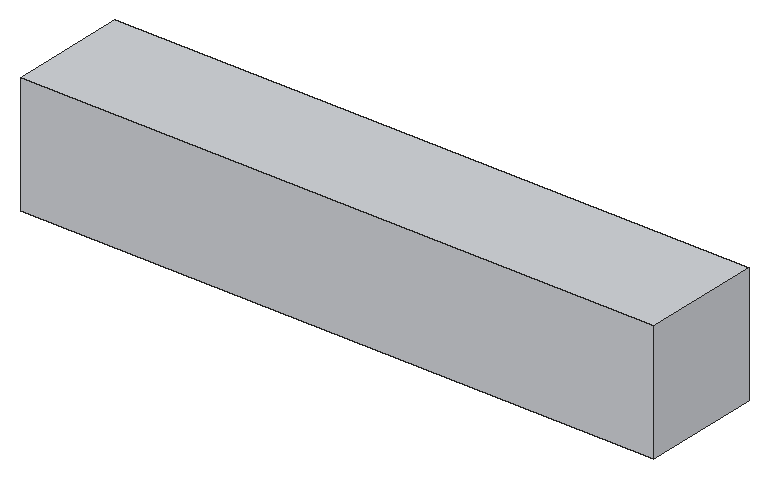
Revit family "設備サポート_I形", category Generic Models, host Face, Revit 2023
Family settings
  Host = Face
  Can host rebar = No
  Round Connector Dimension = Use Diameter
  Part Type = Normal
  Cut with Voids When Loaded = No
  Maintain Annotation Orientation = No
  Shared = No
  Room Calculation Point = No
Parameters
  長辺 [instance] = if(長さ1 > 長さ2, 長さ1, 長さ2)  # 400 mm
  長さ2 [instance] = 75 mm
  長さ1 [instance] = 400 mm
  構造マテリアル [instance] = none
  Default Elevation = 1219.2 mm
  幅1 [instance] = 75 mm
Reference planes
  plane 1 "中心(正面/背面)": y = 0
  plane 2: z = 0
  plane 3 "中心(左/右)": x = 0
Forms (mm)
  Extrusion 1, solid, material <- "構造マテリアル"
    sketch origin (0, 0, 0) x (1, 0, 0) y (0, 1, 0)
      loop
        line (-200, 37.5) -> (-200, -37.5) -> (200, -37.5) -> (200, 37.5) -> (-200, 37.5)
    from 0 to 75
Lines and regions (mm)
  reference lines
    curve 1: line (-200, -37.5, 0) -> (-200, 37.5, 0)
    curve 2: line (200, 37.5, 0) -> (200, -37.5, 0)
    curve 3: line (200, -37.5, 0) -> (-200, -37.5, 0)
    curve 4: line (-200, 37.5, 0) -> (200, 37.5, 0)
    curve 5: line (-480, 0, 0) -> (520, 0, 0)
    curve 6: line (-200, 0, 75) -> (200, 0, 75)
Dimensions and locks
  equal spacing: curve 4, plane 1 "中心(正面/背面)", curve 3
  equal spacing: curve 1, plane 3 "中心(左/右)", curve 2
  "幅1": curve 4 to curve 3
  "長さ1": curve 1 to curve 2
  "長さ2": curve 6 to curve 5
  equal spacing: curve 6, plane 3 "中心(左/右)", curve 6
  equal spacing: curve 3, plane 3 "中心(左/右)", curve 3
  "長さ1": curve 6 to curve 6
  "長さ1": curve 3 to curve 3
  aligned and locked: plane 2 to host face
  aligned and locked: level to host face
  aligned and locked: Extrusion 1 to curve 1  (x3)
  aligned and locked: Extrusion 1 to curve 2
  aligned and locked: Extrusion 1 to curve 6
Automatic sketch dimensions
  host sketch curve to host sketch curve = 2438.4 mm  (x2)
  Extrusion 1 sketch curve to plane 3 "中心(左/右)" = 200 mm
  plane 3 "中心(左/右)" to Extrusion 1 sketch curve = 200 mm
  plane 1 "中心(正面/背面)" to Extrusion 1 sketch curve = 37.5 mm
  Extrusion 1 sketch curve to plane 1 "中心(正面/背面)" = 37.5 mm
  curve 5 to level = 0 mm
  curve 5 to curve 6 = 280 mm
  curve 6 to curve 5 = 320 mm
